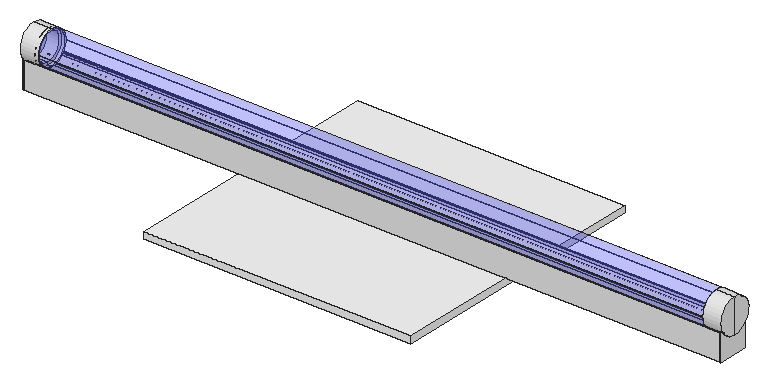
Revit family "BE_50142.2_de_DE", category Leuchten, Revit 2020
Family settings
  Basisbauteil = Fläche
  Bemaßung runder Anschluss = Durchmesser verwenden
  Teiletyp = Normal
  Beim Laden mit Abzugskörper schneiden = Ja
  Lichtquelle = Ja
  Gemeinsam genutzt = Nein
  Raumberechnungspunkt = Ja
Parameters (values of type "BEGA_50142.2_K3")
  built-in parameter 1150104 = 14.79 (stored number, unit not read)
  Wattage = 34.8 W
  Default Elevation = 0 mm
  built-in parameter 1150113 = 1 (stored number, unit not read)
  built-in parameter 1114218 = 1 (stored number, unit not read)
  Umgebungstemperatur = "25 °C"
  URL = "https://www.bega.com/de/produkt/50142.2"
  Typenkommentare = "© 2022 BEGA. Wir behalten uns das Recht vor, technische Änderungen ohne vorherige Ankündigung vorzunehmen."  # constant formula
  built-in parameter 1150134 = (empty or 0)
  built-in parameter 1150109 = 1 (stored number, unit not read)
  built-in parameter 1150110 = 1 (stored number, unit not read)
  Spannung = 239.996 V
  Sonderanfertigung = no
  Seriennummer [instance] = "Hier können Sie die eindeutige Seriennummer für das Facility Management eintragen."
  Schutzklasse = "I"
  Schutzart = "IP 20"
  Scheinlast = 0 VA
  Produktdatenblatt = "https://cdn.bega.com/bega/products/50142.2K3/current/documents/data-sheets/de"
  Neigungswinkel = 0.00°
  Modell = "50142.2K3"
  Material_22 = BEGA_Oberfläche_Aluminium_matt
  Material_14 = BEGA_Kunststoff_opal
  Material_06 = BEGA_Oberfläche_Edelstahl_gebürstet
  M_W = no
  M_G = no
  M_A = no
  Logo = 0
  built-in parameter 1114217 = 1 (stored number, unit not read)
  built-in parameter 1150139 = (empty or 0)
  built-in parameter 1150105 = 440.87 (stored number, unit not read)
  built-in parameter 1150114 = 1 (stored number, unit not read)
  Lumens = 5540.16 lm
  built-in parameter 1150115 = 1 (stored number, unit not read)
  Leuchtenlichtstrom = "4357 lm"
  Lebensdauerkriterien = "L70B50 @ 25 °C = 110000 h"
  Lastklassifizierung = Beleuchtung
  built-in parameter 1150112 = 1 (stored number, unit not read)
  Lampenlichtstrom = "5540 lm"
  Lampe = "LED 34.8 W"
  LED_Modulbezeichnung = "4x LED-0694/930"
  Hersteller = "BEGA"  # constant formula
  Gewicht = "2.3 kg"
  Frequenz = "0/50-60 Hz"
  Farbwiedergabeindex = "CRI > 90"
  Farbtemperaturverschiebung bei Dämpfen der Lampe = <Keine Auswahl>
  Farbtemperatur = "3000 K"
  Color Filter = 16777215
  built-in parameter 1150133 = 10 (stored number, unit not read)
  Energieeffizienzklasse = "LED A++ - A"
  built-in parameter 1150137 = (empty or 0)
  built-in parameter 1150132 = (empty or 0)
  ENEC = "ja"
  Dimmbar [instance] = "DALI"
  Datei für fotometrisches Netz = "BE_50142K3.IES"
  CE_Konformität = "ja"
  Bestellnummer = "50142.2K3"
  Beschreibung_Sonderanfertigung = "Hier können Sie Informationen zur Sonderanfertigung eintragen."
  Beschreibung = "Decken- und Wandleuchte"
  built-in parameter 1150106 = 4.4087 (stored number, unit not read)
  Befestigungsbohrung = "Ø 6,5 mm"
  Befestigungsabstand = "875 mm"
  BEGA_Intern_aus = yes
  BEGA_Intern_an = yes
  BEGA_Intern_Konstruktion = yes
  BEGA_Intern = yes
  BEGA_IES = yes
  BEGA_Dummy = no
  Anschlussleistung [instance] = "42 W"
  built-in parameter 1150107 = 3000 (stored number, unit not read)
  built-in parameter 1150102 = (empty or 0)
  built-in parameter 1150138 = (empty or 0)
  Aktualisierung = "2022-11-23T04:00:03"
  AC/DC = "AC/DC"
Reference planes
  plane 1 "Mitte (Vorne/Hinten)": y = 0
  plane 2: z = 0
  plane 3 "Mitte (Links/Rechts)": x = 0
  plane 4 "Links": x = -525
  plane 5 "Rechts": x = 525
  plane 6 "Unten": y = -25.454
  plane 7 "Oben": y = 25.454
  plane 8 "Vorne": z = 79.5
  plane 9 "Hinten": z = 0
Forms (mm)
  Extrusion 1, solid, material "BEGA_Platte_Weiss"
    sketch origin (0, -1119.2, 0) x (1, 0, 0) y (0, 1, 0)
      loop
        line (-200, 1319.2) -> (-200, 919.2) -> (200, 919.2) -> (200, 1319.2) -> (-200, 1319.2)
    from 0 to -10
  Extrusion 2, solid, material "BEGA_Dummy_matt", visible <- "BEGA_Dummy"
    sketch origin (80.095, -76.023, 0) x (1, 0, 0) y (0, 1, 0)
      loop
        line (-605.095, 101.477) -> (-605.095, 50.569) -> (444.905, 50.569) -> (444.905, 101.477) -> (-605.095, 101.477)
    from 0 to 79.5
Dimensions and locks
  plane 1 "Mitte (Vorne/Hinten)" to Extrusion 1 = 200 mm
  aligned and locked: plane 2 to Extrusion 1
  aligned and locked: level to Extrusion 1
Nested families
  nested 1: "BE_50142.2_Leuchte" at (0, 0, 0), type "BE_50142.2_Leuchte"
Connectors
  electrical at (0, 0, 0), driven by "Lastklassifizierung", driven by "Spannung", driven by "Scheinlast"
    settings: index 1, voltage 239.996 V, apparent load 0 VA, apparent load phase1 0 VA, apparent load phase2 0 VA, apparent load phase3 0 VA, power factor 1, load classification "Beleuchtung", number of poles 1, system type 31, power factor state 1, is connector primary yes, connector utility no, sub classification motor no, connector description ""
Definition of nested family "BE_50142.2_Leuchte"
  Parameters (values of type "BE_50142.2_Leuchte")
    Default Elevation = 1 mm
    URL = "http://www.bega.de/de/produkt"
    Type Comments = "© 2015 BEGA. Wir behalten uns das Recht vor, technische Änderungen ohne vorherige Ankündigung vorzunehmen. "  # constant formula
    Type Image = (empty or 0)
    Neigungswinkel_um_Z2 = 0.00°
    Neigungswinkel_um_Z1 = 0.00°
    Neigungswinkel_um_Y2 = 0.00°
    Neigungswinkel_um_Y1 = 0.00°
    Neigungswinkel_um_X2 = 0.00°
    Neigungswinkel_um_X1 = 0.00°
    Material_22 = none
    Material_14 = none
    Material_06 = none
    M_W = yes
    M_G = yes
    M_A = yes
    Länge_Platte = 1200 mm  # constant formula
    Höhe_Platte = -10 mm  # constant formula
    Manufacturer = "BEGA"  # constant formula
    Drehwinkel_um_Z2 = 0.00°
    Drehwinkel_um_Z1 = 0.00°
    Breite_Platte = 200 mm  # constant formula
  Reference planes
    plane 1 "Mitte (Oben/Unten)": y = 0
    plane 2: z = 0
    plane 3 "Mitte (Links/Rechts)": x = 0
    plane 4: y = -25.454
    plane 5: z = 79.5
    plane 6: y = 25.454
    plane 7: x = -525
    plane 8: x = 525
  Forms (mm)
    Extrusion 1, solid, detail levels medium
      sketch origin (0, 0, 0) x (1, 0, 0) y (0, 1, 0)
        loop
          line (-600, 100) -> (-600, -100) -> (600, -100) -> (600, 100) -> (-600, 100)
      from 0 to -10 <- "Höhe_Platte"
    Extrusion 2, solid, material <- "Material_22", detail levels medium+fine
      sketch origin (0, 0, 0) x (0, 1, 0) y (0, 0, 1)
        loop
          line (-22.75, 0) -> (-16, 0) -> (-16, 2) -> (-20.75, 2) -> (-20.75, 28.454)
          arc (-20.75, 28.454) -> (-20.25, 29.32) -> (-19.25, 29.32) r 1
          line (-19.25, 29.32) -> (-13.5, 26) -> (-7.983, 26) -> (-7.983, 28.588) -> (-20, 35.526) -> (-20.266, 38.57)
          arc (-20.266, 38.57) -> (-20.71, 39.168) -> (-21.136, 39.78) r 25.5
          arc (-21.136, 39.78) -> (-21.502, 39.998) -> (-21.942, 39.865) r 0.5
          line (-21.942, 39.865) -> (-22.75, 38.996) -> (-22.75, 0)
        loop
          line (22.75, 0) -> (22.75, 38.996) -> (21.942, 39.865)
          arc (21.942, 39.865) -> (21.502, 39.998) -> (21.136, 39.78) r 0.5
          arc (21.136, 39.78) -> (20.71, 39.168) -> (20.266, 38.57) r 25.5
          line (20.266, 38.57) -> (20, 35.526) -> (7.983, 28.588) -> (7.983, 26) -> (13.5, 26) -> (19.25, 29.32)
          arc (19.25, 29.32) -> (20.25, 29.32) -> (20.75, 28.454) r 1
          line (20.75, 28.454) -> (20.75, 2) -> (16, 2) -> (16, 0) -> (22.75, 0)
      from -521.8 to 520.2
    Extrusion 3, solid, material <- "Material_22", detail levels medium+fine
      sketch origin (0, 0, 0) x (0, 1, 0) y (0, 0, 1)
        loop
          arc (-21.135, 39.779) -> (-21.511, 39.998) -> (-21.916, 39.84) r 0.5
          line (-21.916, 39.84) -> (-22.75, 38.996) -> (-22.75, 0) -> (22.75, 0) -> (22.75, 38.996) -> (21.942, 39.865)
          arc (21.942, 39.865) -> (21.511, 39.998) -> (21.135, 39.779) r 0.5
          arc (21.135, 39.779) -> (0, 28.546) -> (-21.135, 39.779) r 25.5
      from -523.8 to -521.8
    Extrusion 4, solid, material <- "Material_22", detail levels medium+fine
      sketch origin (1044, 0, 0) x (0, 1, 0) y (0, 0, 1)
        loop
          arc (-21.135, 39.779) -> (-21.511, 39.998) -> (-21.916, 39.84) r 0.5
          line (-21.916, 39.84) -> (-22.75, 38.996) -> (-22.75, 0) -> (22.75, 0) -> (22.75, 38.996) -> (21.942, 39.865)
          arc (21.942, 39.865) -> (21.511, 39.998) -> (21.135, 39.779) r 0.5
          arc (21.135, 39.779) -> (0, 28.546) -> (-21.135, 39.779) r 25.5
      from -523.8 to -521.8
    Extrusion 5, solid, detail levels medium+fine
      sketch origin (0, 0, 0) x (1, 0, 0) y (0, 1, 0)
        loop
          line (422.7, -17.315) -> (450.2, -17.315) -> (450.2, 17.129) -> (422.7, 17.129) -> (422.7, -17.315)
      from 2 to 4.6
    Extrusion 6, solid, detail levels medium+fine
      sketch origin (-875, 0, 0) x (1, 0, 0) y (0, 1, 0)
        loop
          line (422.7, -17.315) -> (450.2, -17.315) -> (450.2, 17.129) -> (422.7, 17.129) -> (422.7, -17.315)
      from 2 to 4.6
    Extrusion 7, void
      sketch origin (0, 0, 0) x (1, 0, 0) y (0, 1, 0)
        loop
          arc (-435.05, 3) -> (-438.3, 6.25) -> (-441.55, 3) r 3.25
          line (-441.55, 3) -> (-441.55, -3)
          arc (-441.55, -3) -> (-438.3, -6.25) -> (-435.05, -3) r 3.25
          line (-435.05, -3) -> (-435.05, 3)
        loop
          arc (439.7, -3.25) -> (442.95, 0) -> (439.7, 3.25) r 3.25
          line (439.7, 3.25) -> (433.7, 3.25)
          arc (433.7, 3.25) -> (430.45, 0) -> (433.7, -3.25) r 3.25
          line (433.7, -3.25) -> (439.7, -3.25)
      from 0 to 4.6
    Revolve 8, solid, material <- "Material_22", detail levels medium+fine
      sketch origin (0, 0, 0) x (1, 0, 0) y (0, 0, 1)
        loop
          line (-525, 79.5) -> (-525, 54) -> (-517.5, 54) -> (-517.5, 59.1) -> (-523, 62.275) -> (-523, 74.541) -> (-503.595, 74.88) -> (-503.595, 78.421) -> (-498, 78.518) -> (-498, 79.5) -> (-525, 79.5)
        axis (-498, 54) -> (-525, 54)
      angle from 0 to 360
    Revolve 9, solid, material <- "Material_22", detail levels medium+fine
      sketch origin (0, 0, 0) x (-1, 0, 0) y (0, 0, 1)
        loop
          line (-525, 79.5) -> (-525, 54) -> (-517.5, 54) -> (-517.5, 59.1) -> (-523, 62.275) -> (-523, 74.541) -> (-503.595, 74.88) -> (-503.595, 78.421) -> (-498, 78.518) -> (-498, 79.5) -> (-525, 79.5)
        axis (-498, 54) -> (-525, 54)
      angle from 0 to 360
    Extrusion 10, solid, material <- "Material_14", detail levels medium+fine
      sketch origin (0, 0, 0) x (0, 1, 0) y (0, 0, 1)
        loop
          circle (0, 54.046) r 25.454
      from -498 to 498
    Revolve 11, void
      sketch origin (0, 0, 0) x (1, 0, 0) y (0, 0, 1)
        loop
          line (-526.036, 58) -> (-526.036, 54) -> (-519.464, 54) -> (-519.464, 58) -> (-526.036, 58)
        axis (-519.464, 54) -> (-526.036, 54)
      angle from 0 to 360
    Revolve 12, solid, material <- "Material_06", detail levels fine
      sketch origin (0, 0, 0) x (1, 0, 0) y (0, 0, 1)
        loop
          line (-524.464, 57.5) -> (-524.464, 54) -> (-519.464, 54) -> (-519.464, 57.5) -> (-524.464, 57.5)
        axis (-519.464, 54) -> (-524.464, 54)
      angle from 0 to 360
  Cuts and joins
    joined: Extrusion 3, Extrusion 4
    Extrusion 7 cuts Extrusion 5
    Extrusion 7 cuts Extrusion 6
    joined: Extrusion 5, Extrusion 6
    Revolve 11 cuts Revolve 8
    joined: Revolve 8, Revolve 9
  Dimensions and locks
    equal spacing: Extrusion 1 sketch curve, plane 3 "Mitte (Links/Rechts)", Extrusion 1 sketch curve
    equal spacing: Extrusion 1 sketch curve, plane 1 "Mitte (Oben/Unten)", Extrusion 1 sketch curve
    "Länge_Platte": Extrusion 1 sketch curve to Extrusion 1 sketch curve
    "Breite_Platte": Extrusion 1 sketch curve to Extrusion 1 sketch curve
    aligned and locked: Extrusion 1 to plane 2
    aligned and locked: level to Extrusion 1
  Automatic sketch dimensions
    Extrusion 2 sketch curve to level = 0 mm  (x2)
    plane 1 "Mitte (Oben/Unten)" to Extrusion 2 sketch curve = 22.75 mm
    Extrusion 2 sketch curve to Extrusion 2 sketch curve = 1.2 mm  (x2)
    Extrusion 2 sketch curve to Extrusion 2 sketch curve = 2 mm
    Extrusion 2 sketch curve to Extrusion 2 sketch curve = 1.284 mm  (x2)
    Extrusion 2 sketch curve to Extrusion 2 sketch curve = 0.266 mm  (x2)
    Extrusion 2 sketch curve to Extrusion 2 sketch curve = 1 mm
    Extrusion 2 sketch curve to Extrusion 2 sketch curve = 4.75 mm  (x2)
    Extrusion 2 sketch curve to Extrusion 2 sketch curve = 6.25 mm  (x2)
    Extrusion 2 sketch curve to Extrusion 2 sketch curve = 5.517 mm  (x2)
    plane 1 "Mitte (Oben/Unten)" to Extrusion 2 sketch curve = 0 mm
    Extrusion 2 sketch curve to plane 1 "Mitte (Oben/Unten)" = 0 mm
    Extrusion 2 sketch curve to plane 1 "Mitte (Oben/Unten)" = 7.983 mm
    level to Extrusion 2 sketch curve = 2 mm  (x2)
    Extrusion 2 sketch curve to plane 1 "Mitte (Oben/Unten)" = 16 mm
    Extrusion 2 sketch curve to Extrusion 2 sketch curve = 0.25 mm
    Extrusion 2 sketch curve to Extrusion 2 sketch curve = 24 mm
    Extrusion 2 sketch curve to Extrusion 2 sketch curve = 0 mm  (x8)
    Extrusion 2 sketch curve to Extrusion 2 sketch curve = 2.454 mm  (x2)
    Extrusion 2 sketch curve to Extrusion 2 sketch curve = 2.588 mm  (x2)
    Extrusion 2 sketch curve to Extrusion 2 sketch curve = 7.073 mm  (x2)
    Extrusion 2 sketch curve to Extrusion 2 sketch curve = 3.043 mm  (x2)
    Extrusion 2 sketch curve to Extrusion 2 sketch curve = 0.426 mm  (x2)
    Extrusion 2 sketch curve to Extrusion 2 sketch curve = 0.504 mm  (x2)
    Extrusion 2 sketch curve to Extrusion 2 sketch curve = 15.477 mm
    Extrusion 2 sketch curve to Extrusion 2 sketch curve = 0.392 mm
    Extrusion 2 sketch curve to Extrusion 2 sketch curve = 0.039 mm  (x2)
    Extrusion 2 sketch curve to Extrusion 2 sketch curve = 0.5 mm  (x2)
    Extrusion 2 sketch curve to Extrusion 2 sketch curve = 0.354 mm
    Extrusion 2 sketch curve to Extrusion 2 sketch curve = 0.011 mm  (x2)
    Extrusion 3 sketch curve to level = 0 mm
    Extrusion 3 sketch curve to plane 1 "Mitte (Oben/Unten)" = 0 mm
    plane 1 "Mitte (Oben/Unten)" to Extrusion 3 sketch curve = 21.55 mm
    Extrusion 3 sketch curve to Extrusion 3 sketch curve = 1.2 mm
    Extrusion 3 sketch curve to plane 1 "Mitte (Oben/Unten)" = 21.55 mm
    Extrusion 3 sketch curve to plane 1 "Mitte (Oben/Unten)" = 22.75 mm
    Extrusion 3 sketch curve to Extrusion 3 sketch curve = 38.996 mm  (x2)
    Extrusion 3 sketch curve to Extrusion 3 sketch curve = 0.504 mm  (x2)
    Extrusion 3 sketch curve to Extrusion 3 sketch curve = 14.547 mm
    Extrusion 3 sketch curve to Extrusion 3 sketch curve = 0.414 mm  (x2)
    Extrusion 3 sketch curve to Extrusion 3 sketch curve = 0 mm  (x3)
    Extrusion 3 sketch curve to Extrusion 3 sketch curve = 0.366 mm  (x2)
    Extrusion 3 sketch curve to Extrusion 3 sketch curve = 0.026 mm  (x2)
    Extrusion 3 sketch curve to Extrusion 3 sketch curve = 0.28 mm  (x2)
    Extrusion 3 sketch curve to Extrusion 3 sketch curve = 0.025 mm  (x2)
    Extrusion 4 sketch curve to level = 0 mm
    Extrusion 4 sketch curve to plane 1 "Mitte (Oben/Unten)" = 0 mm
    plane 1 "Mitte (Oben/Unten)" to Extrusion 4 sketch curve = 21.55 mm
    Extrusion 4 sketch curve to Extrusion 4 sketch curve = 1.2 mm
    Extrusion 4 sketch curve to plane 1 "Mitte (Oben/Unten)" = 21.55 mm
    Extrusion 4 sketch curve to plane 1 "Mitte (Oben/Unten)" = 22.75 mm
    Extrusion 4 sketch curve to Extrusion 4 sketch curve = 38.996 mm  (x2)
    Extrusion 4 sketch curve to Extrusion 4 sketch curve = 0.504 mm  (x2)
    Extrusion 4 sketch curve to Extrusion 4 sketch curve = 14.547 mm
    Extrusion 4 sketch curve to Extrusion 4 sketch curve = 0.414 mm  (x2)
    Extrusion 4 sketch curve to Extrusion 4 sketch curve = 0 mm  (x3)
    Extrusion 4 sketch curve to Extrusion 4 sketch curve = 0.366 mm  (x2)
    Extrusion 4 sketch curve to Extrusion 4 sketch curve = 0.026 mm  (x2)
    Extrusion 4 sketch curve to Extrusion 4 sketch curve = 0.28 mm  (x2)
    Extrusion 4 sketch curve to Extrusion 4 sketch curve = 0.025 mm  (x2)
    Extrusion 5 sketch curve to plane 1 "Mitte (Oben/Unten)" = 17.129 mm
    plane 3 "Mitte (Links/Rechts)" to Extrusion 5 sketch curve = 422.7 mm
    Extrusion 5 sketch curve to Extrusion 5 sketch curve = 27.5 mm
    plane 1 "Mitte (Oben/Unten)" to Extrusion 5 sketch curve = 17.315 mm
    Extrusion 6 sketch curve to plane 1 "Mitte (Oben/Unten)" = 17.129 mm
    Extrusion 6 sketch curve to plane 3 "Mitte (Links/Rechts)" = 452.3 mm
    Extrusion 6 sketch curve to Extrusion 6 sketch curve = 27.5 mm
    plane 1 "Mitte (Oben/Unten)" to Extrusion 6 sketch curve = 17.315 mm
    plane 1 "Mitte (Oben/Unten)" to Extrusion 7 sketch curve = 0 mm
    plane 1 "Mitte (Oben/Unten)" to Extrusion 7 sketch curve = 3 mm
    Extrusion 7 sketch curve to plane 3 "Mitte (Links/Rechts)" = 441.55 mm
    Extrusion 7 sketch curve to Extrusion 7 sketch curve = 3.25 mm
    plane 1 "Mitte (Oben/Unten)" to Extrusion 7 sketch curve = 3.25 mm
    plane 3 "Mitte (Links/Rechts)" to Extrusion 7 sketch curve = 433.7 mm
    Extrusion 7 sketch curve to Extrusion 7 sketch curve = 6 mm
    Extrusion 7 sketch curve to plane 1 "Mitte (Oben/Unten)" = 3 mm
    level to Revolve 8 sketch curve = 54 mm
    Revolve 8 sketch curve to plane 3 "Mitte (Links/Rechts)" = 525 mm
    Revolve 8 sketch curve to Revolve 8 sketch curve = 2 mm
    level to Revolve 8 sketch curve = 59.1 mm
    Revolve 8 sketch curve to Revolve 8 sketch curve = 5.5 mm
    level to Revolve 8 sketch curve = 74.88 mm
    Revolve 8 sketch curve to Revolve 8 sketch curve = 19.405 mm
    Revolve 8 sketch curve to Revolve 8 sketch curve = 5.595 mm
    Revolve 8 sketch curve to Revolve 8 sketch curve = 3.175 mm
    Revolve 8 sketch curve to Revolve 8 sketch curve = 12.265 mm
    Revolve 8 sketch curve to Revolve 8 sketch curve = 3.541 mm
    Revolve 8 sketch curve to Revolve 8 sketch curve = 0.098 mm
    Revolve 8 sketch curve to Revolve 8 sketch curve = 0.982 mm
    Revolve 8 sketch curve to Revolve 8 sketch curve = 3.314 mm
    Revolve 8 sketch curve to Revolve 8 sketch curve = 0 mm  (x2)
    Revolve 9 sketch curve to level = 54 mm
    Revolve 9 sketch curve to plane 3 "Mitte (Links/Rechts)" = 525 mm
    Revolve 9 sketch curve to Revolve 9 sketch curve = 2 mm
    Revolve 9 sketch curve to level = 59.1 mm
    Revolve 9 sketch curve to Revolve 9 sketch curve = 5.5 mm
    Revolve 9 sketch curve to level = 74.88 mm
    Revolve 9 sketch curve to Revolve 9 sketch curve = 19.405 mm
    Revolve 9 sketch curve to Revolve 9 sketch curve = 5.595 mm
    Revolve 9 sketch curve to Revolve 9 sketch curve = 3.175 mm
    Revolve 9 sketch curve to Revolve 9 sketch curve = 12.265 mm
    Revolve 9 sketch curve to Revolve 9 sketch curve = 3.541 mm
    Revolve 9 sketch curve to Revolve 9 sketch curve = 0.098 mm
    Revolve 9 sketch curve to Revolve 9 sketch curve = 0.982 mm
    Revolve 9 sketch curve to Revolve 9 sketch curve = 3.314 mm
    Revolve 9 sketch curve to Revolve 9 sketch curve = 0 mm  (x2)
    Extrusion 10 sketch curve to plane 1 "Mitte (Oben/Unten)" = 0 mm
    level to Extrusion 10 sketch curve = 54.046 mm
    Revolve 11 sketch curve to plane 3 "Mitte (Links/Rechts)" = 526.036 mm
    Revolve 11 sketch curve to Revolve 11 sketch curve = 6.572 mm
    level to Revolve 11 sketch curve = 54 mm
    Revolve 11 sketch curve to Revolve 11 sketch curve = 4 mm
    Revolve 11 sketch curve to Revolve 11 sketch curve = 0.632 mm
    Revolve 11 sketch curve to Revolve 11 sketch curve = 0.5 mm
    Revolve 11 sketch curve to Revolve 11 sketch curve = 0 mm
    Revolve 12 sketch curve to plane 3 "Mitte (Links/Rechts)" = 524.464 mm
    Revolve 12 sketch curve to Revolve 12 sketch curve = 5 mm
    level to Revolve 12 sketch curve = 54 mm
    Revolve 12 sketch curve to Revolve 12 sketch curve = 3.5 mm
    Revolve 12 sketch curve to Revolve 12 sketch curve = 0 mm  (x3)
    radius of Extrusion 10 sketch curve = 25.454 mm
